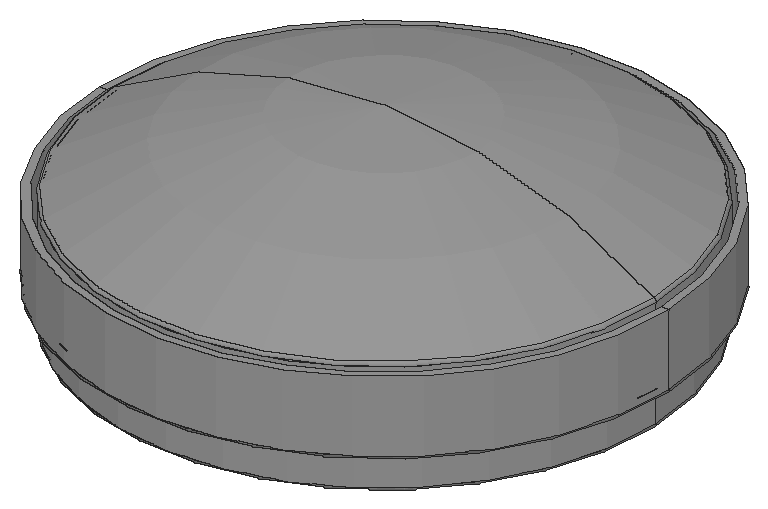
Revit family "3034764 Sylvania Lighting Fixture GIOTTO305 LED G2 4000K SURFACE", category Lighting Fixtures, host Face, Revit 2016
Family settings
  Host = Face
  Part Type = Normal
  Round Connector Dimension = Use Diameter
  OmniClass Number = 23.80.70.00
  OmniClass Title = Lighting
  Cut with Voids When Loaded = No
  Light Source = Yes
  Shared = No
  Room Calculation Point = No
Parameters (values of type "3034764 GIOTTO305 LED G2 4000K SURFACE")
  Weight = "1.11 kg"
  Wattage Comments = ""
  Wattage = 19 W
  WarrantyStartDate [instance] = "n/a"
  WarrantyGuarantorParts = "n/a"
  WarrantyDurationUnit = "n/a"
  WarrantyDurationParts = "n/a"
  WarrantyDescription = "n/a"
  built-in parameter 1150110 = 1 (stored number, unit not read)
  Voltage = 0 V
  URL = "http://www.sylvania-lighting.com"
  TypeName = "GIOTTO305 LED G2 4000K SURFACE"
  Type Image = <None>
  Type Comments = "n/a"
  built-in parameter 1114217 = 1 (stored number, unit not read)
  Tilt Angle = -90.00°
  built-in parameter 1150109 = 1 (stored number, unit not read)
  built-in parameter 1150134 = 12
  built-in parameter 1150113 = 1 (stored number, unit not read)
  SerialNumber [instance] = "n/a"
  Photometric Web File = "3034764.ies"
  Material_3_SYL = LED-Sylvania
  PowerFactor = 0
  PowerConsumption = "19 W"
  NominalLength = 305 mm
  NominalHeight = 104 mm
  NominalDepth = 305 mm
  Name = "GIOTTO305 LED G2 4000K SURFACE"
  ModelReference = Name  # "GIOTTO305 LED G2 4000K SURFACE"
  ModelNumber = "3034764"
  Model = Name  # "GIOTTO305 LED G2 4000K SURFACE"
  Material = "polycarbonate housing, polycarbonate diffuser"
  ManufacturerName = "Feilo Sylvania"
  Manufacturer = "Feilo Sylvania"
  LuminousEfficacy = "89 lm/W"
  built-in parameter 1150105 = 134.57 (stored number, unit not read)
  Lumens = 1691 lm
  LuminaireType = ""
  built-in parameter 1150115 = 1 (stored number, unit not read)
  LightOutputRatio = "n/a"
  built-in parameter 1150137 = (empty or 0)
  built-in parameter 1150139 = (empty or 0)
  LampsType = Lamp  # "LED"
  LampNominalLuminous = "1690 lm"
  LampMacAdamStep = "n/a"
  LampColourTemperature = "4000 K"
  LampColourRenderingIndex = "80"
  built-in parameter 1150112 = 1 (stored number, unit not read)
  built-in parameter 1150114 = 1 (stored number, unit not read)
  Lamp = "LED"
  Keynote = "16500"
  InstallationDate [instance] = "n/a"
  InputVoltage = "n/a"
  InputNominalFrequency = "n/a"
  built-in parameter 1150132 = (empty or 0)
  built-in parameter 1150102 = (empty or 0)
  built-in parameter 1150107 = 4000 (stored number, unit not read)
  built-in parameter 1150138 = (empty or 0)
  IngressProtection = "IP44"
  ImpactProtectionIndex = "IK10"
  built-in parameter 1150106 = 1.3457 (stored number, unit not read)
  IfcExportType = "IfcLightFixtureType"
  IfcExportAs = "IfcLightFixtureType"
  Height_SYL = 104 mm
  ExpectedLife = 50000
  Emit from Circle Diameter = 317 mm
  Emit Shape Visible in Rendering = no
  ElectricShockClassification = "Class I"
  built-in parameter 1150104 = 8.2684 (stored number, unit not read)
  DurationUnit = "hours"
  DocumentationLiterature = "http://www.sylvania-lighting.com/product/en-int/products/3034764"
  DimmingControlOptions = "n/a"
  Material_2_SYL = Polycarbonate_Sylvania_Giotto_Opal
  Dimming Lamp Color Temperature Shift = <None>
  DiffuserRadius_SYL = 282.611 mm
  Diameter_SYL = 305 mm
  Description = "Ambient and decorative round, surface mounted LED bulkhead luminaire. White robust polycarbonate body with opal diffuser, 1690 lm, 19W, 89lm/W, 4000K, CRI 80, non-dimmable, 50,000 hours lumen maintenance. Drive current: 700mA, IP44, IK10, Class I, 220-240V, Energy class: A++, A+, A."
  Default Elevation = 1219.2 mm
  CreatedOn = "11/7/2018"
  CreatedBy = "@sylvania-lighting.com"
  Cost = 0
  Color Filter = 16777215
  built-in parameter 1114216 [instance] = (empty or 0)
  ClassificationValue = "EF_70_80"
  ClassificationName = "Uniclass2015"
  Material_1_SYL = Polycarbonate_Sylvania_Giotto_White
  BarCode [instance] = "n/a"
  built-in parameter 1114218 = 1 (stored number, unit not read)
  built-in parameter 1150133 = 10 (stored number, unit not read)
  AssetType = "Fixed"
  AssetIdentifier [instance] = "n/a"
  Assembly Code = "D5020200"
  Apparent Load = 19 VA
  Material_4_SYL = none
Reference planes
  plane 1 "Center (Front/Back)": y = 0
  plane 2: z = 0
  plane 3 "Center (Left/Right)": x = 0
  plane 4: x = 152.5
  plane 5: x = -152.5
  plane 6: x = -145.5
  plane 7: x = -148.5
  plane 8: z = 104
  plane 9: z = 59
  plane 10: z = 19
  plane 11: z = 24
  plane 12: x = -150.9
  plane 13: z = 20.6
  plane 14: z = 1.6
  plane 15: x = -143.9
  plane 16: z = 18
  plane 17: x = -146.5
  plane 18: z = 25
  plane 19: z = 61
Forms (mm)
  Revolve 1, solid, material "Polycarbonate_Sylvania_Giotto_White" <- "Material_1_SYL"
    sketch origin (0, 0, 0) x (1, 0, 0) y (0, 0, 1)
      loop
        line (0, 0) -> (0, 25) -> (-143.9, 25) -> (-143.9, 24) -> (-148.5, 24) -> (-148.5, 59) -> (-152.5, 59) -> (-152.5, 20.6)
        arc (-152.5, 20.6) -> (-152.031, 19.469) -> (-150.9, 19) r 1.6
        line (-150.9, 19) -> (-146.5, 19)
        arc (-146.5, 19) -> (-145.793, 18.707) -> (-145.5, 18) r 1
        line (-145.5, 18) -> (-145.5, 1.6)
        arc (-145.5, 1.6) -> (-145.031, 0.469) -> (-143.9, 0) r 1.6
        line (-143.9, 0) -> (0, 0)
      axis (0, 59) -> (0, 0)
    angle from 360 to 0
  Revolve 2, solid, material "Polycarbonate_Sylvania_Giotto_Opal" <- "Material_2_SYL"
    sketch origin (0, 0, 0) x (1, 0, 0) y (0, 0, 1)
      loop
        line (-145.5, 24) -> (-143.9, 24) -> (-143.9, 59.636)
        arc (-143.9, 59.636) -> (-143.79, 60.068) -> (-143.485, 60.394) r 0.9
        arc (-143.485, 60.394) -> (-74.754, 91.683) -> (0, 102.4) r 266.066
        line (0, 102.4) -> (0, 104)
        arc (0, 104) -> (-75.203, 93.218) -> (-144.348, 61.742) r 267.666
        arc (-144.348, 61.742) -> (-145.193, 60.836) -> (-145.5, 59.636) r 2.5
        line (-145.5, 59.636) -> (-145.5, 24)
      axis (0, 104) -> (0, 24)
    angle from 360 to 0
Dimensions and locks
  equal spacing: plane 4, plane 3 "Center (Left/Right)", plane 5
  "Diameter_SYL": plane 4 to plane 5
  locked: plane 6 to plane 5 at 7
  locked: plane 7 to plane 5 at 4
  "Height_SYL": plane 8 to plane 2
  locked: plane 8 to plane 9 at 45
  locked: plane 9 to plane 10 at 40
  Revolve 1 sketch curve to Revolve 1 sketch curve = 4.4 mm
  locked: plane 11 to plane 10 at 5
  locked: plane 12 to plane 5 at 1.6
  locked: plane 13 to plane 10 at 1.6
  locked: plane 14 to plane 2 at 1.6
  locked: plane 15 to plane 6 at 1.6
  locked: plane 6 to plane 17 at 1
  locked: plane 10 to plane 16 at 1
  locked: plane 18 to plane 11 at 1
  locked: plane 19 to plane 9 at 2
  aligned and locked: plane 2 to host face
  aligned and locked: level to host face
  aligned and locked: Revolve 1 sketch curve to plane 3 "Center (Left/Right)"
  aligned and locked: level to Revolve 1 sketch curve
  aligned and locked: Revolve 1 sketch curve to plane 10
  aligned and locked: plane 9 to Revolve 1 sketch curve
  aligned and locked: Revolve 1 sketch curve to plane 7
  aligned and locked: plane 12 to Revolve 1 sketch curve  (x2)
  aligned and locked: plane 13 to Revolve 1 sketch curve  (x2)
  aligned and locked: plane 15 to Revolve 1 sketch curve  (x3)
  aligned and locked: plane 14 to Revolve 1 sketch curve  (x2)
  aligned and locked: plane 3 "Center (Left/Right)" to imposter light
  aligned and locked: imposter light to plane 1 "Center (Front/Back)"
  aligned and locked: plane 18 to Revolve 1 sketch curve
  aligned and locked: plane 11 to Revolve 1 sketch curve
  aligned and locked: imposter light to plane 8
  aligned and locked: plane 6 to Revolve 1 sketch curve
  aligned and locked: plane 17 to Revolve 1 sketch curve
  aligned and locked: plane 16 to Revolve 1 sketch curve
  aligned and locked: Revolve 2 sketch curve to plane 3 "Center (Left/Right)"
  aligned and locked: plane 6 to Revolve 2 sketch curve
  aligned and locked: plane 3 "Center (Left/Right)" to Revolve 2 sketch curve
  aligned and locked: plane 11 to Revolve 2 sketch curve
  aligned and locked: Revolve 2 sketch curve to imposter light
Automatic sketch dimensions
  host sketch curve to host sketch curve = 2438.4 mm  (x2)
  Revolve 1 sketch curve to plane 3 "Center (Left/Right)" = 0 mm
  Revolve 1 sketch curve to level = 609.6 mm
  Revolve 1 sketch curve to plane 8 = 2499.058 mm
  Revolve 2 sketch curve to Revolve 2 sketch curve = 0 mm  (x4)
  Revolve 2 sketch curve to plane 15 = 0 mm
  Revolve 2 sketch curve to plane 8 = 0 mm
  plane 15 to Revolve 2 sketch curve = 0.9 mm
  Revolve 2 sketch curve to level = 163.666 mm
  Revolve 2 sketch curve to plane 9 = 0.636 mm
  Revolve 2 sketch curve to Revolve 2 sketch curve = 445.934 mm
  Revolve 2 sketch curve to plane 8 = 2505.058 mm
Connectors
  electrical at (0, 0, 0), driven by "Apparent Load", driven by "PowerFactor", driven by "Voltage"
    settings: index 1, voltage 0 V, apparent load 19 VA, apparent load phase1 0 VA, apparent load phase2 0 VA, apparent load phase3 0 VA, power factor 0, load classification "Lighting", number of poles 1, system type 30, power factor state 1, is connector primary yes, connector utility no, sub classification motor no, connector description ""
